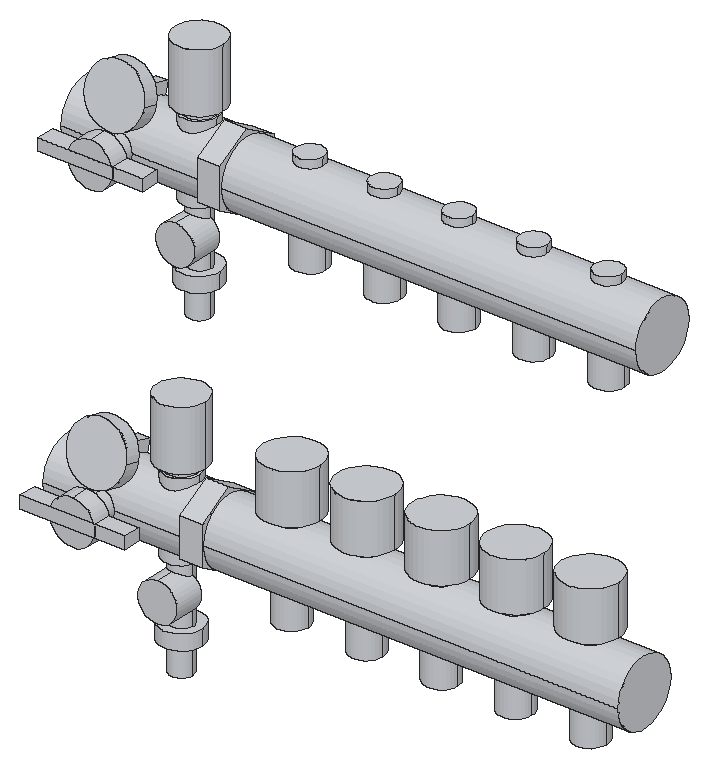
Revit family "318_dba5bdd3bf904ccfaea6eb69f10d77", category Pipe Accessories, Revit 2017
Family settings
  Round Connector Dimension = Use Diameter
  Part Type = Valve - Normal
  Work Plane-Based = No
  Always vertical = Yes
  Cut with Voids When Loaded = No
  Shared = No
Parameters (values of type "R553DK105")
  magi_piping_qv_2_5 [instance] = 0.0 L/s
  magi_piping_qv_2_4 [instance] = 0.0 L/s
  magi_piping_qv_2_3 [instance] = 0.0 L/s
  magi_piping_qv_2_2 [instance] = 0.0 L/s
  magi_piping_qv_2_1 [instance] = 0.0 L/s
  magi_piping_qv_1_5 [instance] = 0.0 L/s
  magi_piping_qv_1_4 [instance] = 0.0 L/s
  magi_piping_qv_1_3 [instance] = 0.0 L/s
  magi_piping_qv_1_2 [instance] = 0.0 L/s
  magi_piping_qv_1_1 [instance] = 0.0 L/s
  magi_piping_qv [instance] = 0.0 L/s
  magi_piping_power_5 [instance] = 0 W
  magi_piping_power_4 [instance] = 0 W
  magi_piping_power_3 [instance] = 0 W
  magi_piping_power_2 [instance] = 0 W
  magi_piping_power_1 [instance] = 0 W
  magi_piping_kv_5 [instance] = 0
  magi_piping_kv_4 [instance] = 0
  magi_piping_kv_3 [instance] = 0
  magi_piping_kv_2 [instance] = 0
  magi_piping_kv_1 [instance] = 0
  magi_piping_dpTot_5 [instance] = 0.0 Pa
  magi_piping_dpTot_4 [instance] = 0.0 Pa
  magi_piping_dpTot_3 [instance] = 0.0 Pa
  magi_piping_dpTot_2 [instance] = 0.0 Pa
  magi_piping_dpTot_1 [instance] = 0.0 Pa
  magi_adjustmentValue_5 [instance] = ""
  magi_adjustmentValue_4 [instance] = ""
  magi_adjustmentValue_3 [instance] = ""
  magi_adjustmentValue_2 [instance] = ""
  magi_adjustmentValue_1 [instance] = ""
  magiProductId = "dba5bdd3bf904ccfaea6eb69f10d77"
  magiProductFamilyId = "dba5bdd3bf904ccfaea6eb69f10d77"
  magiProductCode = "R553DK105"
  magiPartTypeId = 318
  Y = 15 mm
  VersionID = "2.0/2016.10.37.0/GIACOMINI_R553DK_001"
  URL = "http://www.giacomini.com/en"
  SMP = 25 mm
  SBP9 = 18 mm
  SBP8 = 18 mm
  SBP7 = 18 mm
  SBP6 = 18 mm
  SBP5 = 18 mm
  SBP4 = 18 mm
  SBP3 = 18 mm
  SBP2 = 18 mm
  SBP12 = 18 mm
  SBP11 = 18 mm
  SBP10 = 18 mm
  SBP1 = 18 mm
  RMP = 25 mm
  RBP9 = 18 mm
  RBP8 = 18 mm
  RBP7 = 18 mm
  RBP6 = 18 mm
  RBP5 = 18 mm
  RBP4 = 18 mm
  RBP3 = 18 mm
  RBP2 = 18 mm
  RBP12 = 18 mm
  RBP11 = 18 mm
  RBP10 = 18 mm
  RBP1 = 18 mm
  R2 = 22 mm
  QmdConnectorList = "321;SMP;322;SBP1;323;SBP2;324;SBP3;325;SBP4;326;SBP5;351;RMP;352;RBP1;353;RBP2;354;RBP3;355;RBP4;356;RBP5"
  Productdata [instance] = "© Progman Oy, all rights reserved"
  N9 = no
  N8 = no
  N7 = no
  N6 = no
  N5 = yes
  N4 = yes
  N3 = yes
  N12 = no
  N11 = no
  N10 = no
  Manufacturer = "Giacomini"
  MC_Default_elevation = 0 mm
  L = 385 mm
  I = 50 mm
  H5 = 33 mm
  H4 = 5 mm
  H3__ve = -H3  # -40 mm
  H3 = 40 mm
  H11 = 5 mm
  Flow supply main [instance] = Flow supply 1 + Flow supply 2 + Flow supply 3 + Flow supply 4 + Flow supply 5  # 0.0 L/s
  Flow supply 5 [instance] = 0.0 L/s
  Flow supply 4 [instance] = 0.0 L/s
  Flow supply 3 [instance] = 0.0 L/s
  Flow supply 2 [instance] = 0.0 L/s
  Flow supply 1 [instance] = 0.0 L/s
  Flow return main [instance] = Flow return 1 + Flow return 2 + Flow return 3 + Flow return 4 + Flow return 5  # 0.0 L/s
  Flow return 5 [instance] = 0.0 L/s
  Flow return 4 [instance] = 0.0 L/s
  Flow return 3 [instance] = 0.0 L/s
  Flow return 2 [instance] = 0.0 L/s
  Flow return 1 [instance] = 0.0 L/s
  E = 208 mm
  Description = "PREASSEMBLED MANIFOLD KIT"
  D5 = 38 mm
  D4 = 22 mm
  D31 = 18 mm
  D2 = 44 mm
  CAT0 = yes
  A = 149 mm
Reference planes
  plane 1 "Center (Front/Back)": y = 0
  plane 2 "XYPLANE": z = 0
  plane 3 "Center (Left/Right)": x = 0
  plane 4 "INIT_TEMP": y = 100
  plane 5 "379": x = 699
  plane 6 "378": x = 649
  plane 7 "377": x = 599
  plane 8 "376": x = 549
  plane 9 "375": x = 499
  plane 10 "374": x = 449
  plane 11 "373": x = 399
  plane 12 "372": x = 349
  plane 13 "371": x = 299
  plane 14 "369": x = 249
  plane 15 "368": x = 199
  plane 16 "367": x = 149
  plane 17 "366": z = 22
  plane 18 "365": z = 0
  plane 19 "364": z = -208
  plane 20 "363": y = -15
  plane 21 "362": y = 0
  plane 22 "361": x = 0
  plane 23 "360": z = -40
  plane 24 "359": z = -186
  plane 25 "358": z = -181
  plane 26 "357": z = -248
  plane 27 "356": x = 75
  plane 28 "355": z = 26
  plane 29 "354": x = 92
  plane 30 "353": z = 31
  plane 31 "352": z = -26
  plane 32 "351": z = -46
  plane 33 "350": z = -66
  plane 34 "349": z = 30
  plane 35 "348": x = 38
  plane 36 "347": y = -33
  plane 37 "346": z = 30
  plane 38 "345": y = -15
  plane 39 "344": z = -182
  plane 40 "343": z = -177
  plane 41 "342": z = -234
  plane 42 "341": z = -254
  plane 43 "340": z = -274
  plane 44 "339": z = -178
  plane 45 "338": y = -30
  plane 46 "337": z = -178
  plane 47 "336": y = -48
  plane 48 "1055": through (-712, 0, 30) normal (0, 0.2588, 0.9659)
  plane 49 "1056": through (-712, -15, 30) normal (0, -0.9659, 0.2588)
  plane 50 "1057": through (-712, -30, -178) normal (0, 0.9659, -0.2588)
  plane 51 "1058": through (-712, -15, -178) normal (0, -0.2588, -0.9659)
Forms (mm)
  Extrusion 1, solid, visible <- "N12"
    sketch origin (-750, 0, 22) x (1, 0, 0) y (0, 1, 0)
      loop
        circle (1449, 0) r 9
    from 0 to 5 <- "H11"
  Extrusion 2, solid, visible <- "N11"
    sketch origin (-750, 0, 22) x (1, 0, 0) y (0, 1, 0)
      loop
        circle (1399, 0) r 9
    from 0 to 5 <- "H11"
  Extrusion 3, solid, visible <- "N9"
    sketch origin (-750, 0, 22) x (1, 0, 0) y (0, 1, 0)
      loop
        circle (1299, 0) r 9
    from 0 to 5 <- "H11"
  Extrusion 4, solid, visible <- "N10"
    sketch origin (-750, 0, 22) x (1, 0, 0) y (0, 1, 0)
      loop
        circle (1349, 0) r 9
    from 0 to 5 <- "H11"
  Extrusion 5, solid, visible <- "N8"
    sketch origin (-750, 0, 22) x (1, 0, 0) y (0, 1, 0)
      loop
        circle (1249, 0) r 9
    from 0 to 5 <- "H11"
  Extrusion 6, solid, visible <- "N7"
    sketch origin (-750, 0, 22) x (1, 0, 0) y (0, 1, 0)
      loop
        circle (1199, 0) r 9
    from 0 to 5 <- "H11"
  Extrusion 7, solid, visible <- "N6"
    sketch origin (-750, 0, 22) x (1, 0, 0) y (0, 1, 0)
      loop
        circle (1149, 0) r 9
    from 0 to 5 <- "H11"
  Extrusion 8, solid, visible <- "N5"
    sketch origin (-750, 0, 22) x (1, 0, 0) y (0, 1, 0)
      loop
        circle (1099, 0) r 9
    from 0 to 5 <- "H11"
  Extrusion 9, solid, visible <- "N4"
    sketch origin (-750, 0, 22) x (1, 0, 0) y (0, 1, 0)
      loop
        circle (1049, 0) r 9
    from 0 to 5 <- "H11"
  Extrusion 10, solid, visible <- "N3"
    sketch origin (-750, 0, 22) x (1, 0, 0) y (0, 1, 0)
      loop
        circle (999, 0) r 9
    from 0 to 5 <- "H11"
  Extrusion 11, solid
    sketch origin (-750, 0, 22) x (1, 0, 0) y (0, 1, 0)
      loop
        circle (949, 0) r 9
    from 0 to 5 <- "H11"
  Extrusion 12, solid
    sketch origin (-750, 0, 22) x (1, 0, 0) y (0, 1, 0)
      loop
        circle (899, 0) r 9
    from 0 to 5 <- "H11"
  Extrusion 13, solid, visible <- "CAT0"
    sketch origin (0, -750, 0) x (0, 1, 0) y (0, 0, 1)
      loop
        circle (750, 0) r 22
    from 0 to 385 <- "L"
  Extrusion 14, solid
    sketch origin (-750, 0, 0) x (1, 0, 0) y (0, 1, 0)
      loop
        circle (899, 0) r 11
    from 0 to -40 <- "H3__ve"
  Extrusion 15, solid
    sketch origin (-750, 0, 0) x (1, 0, 0) y (0, 1, 0)
      loop
        circle (949, 0) r 11
    from 0 to -40 <- "H3__ve"
  Extrusion 16, solid, visible <- "N3"
    sketch origin (-750, 0, 0) x (1, 0, 0) y (0, 1, 0)
      loop
        circle (999, 0) r 11
    from 0 to -40 <- "H3__ve"
  Extrusion 17, solid, visible <- "N4"
    sketch origin (-750, 0, 0) x (1, 0, 0) y (0, 1, 0)
      loop
        circle (1049, 0) r 11
    from 0 to -40 <- "H3__ve"
  Extrusion 18, solid, visible <- "N5"
    sketch origin (-750, 0, 0) x (1, 0, 0) y (0, 1, 0)
      loop
        circle (1099, 0) r 11
    from 0 to -40 <- "H3__ve"
  Extrusion 19, solid, visible <- "N6"
    sketch origin (-750, 0, 0) x (1, 0, 0) y (0, 1, 0)
      loop
        circle (1149, 0) r 11
    from 0 to -40 <- "H3__ve"
  Extrusion 20, solid, visible <- "N7"
    sketch origin (-750, 0, 0) x (1, 0, 0) y (0, 1, 0)
      loop
        circle (1199, 0) r 11
    from 0 to -40 <- "H3__ve"
  Extrusion 21, solid, visible <- "N12"
    sketch origin (-750, 0, 0) x (1, 0, 0) y (0, 1, 0)
      loop
        circle (1449, 0) r 11
    from 0 to -40 <- "H3__ve"
  Extrusion 22, solid, visible <- "N11"
    sketch origin (-750, 0, 0) x (1, 0, 0) y (0, 1, 0)
      loop
        circle (1399, 0) r 11
    from 0 to -40 <- "H3__ve"
  Extrusion 23, solid, visible <- "N10"
    sketch origin (-750, 0, 0) x (1, 0, 0) y (0, 1, 0)
      loop
        circle (1349, 0) r 11
    from 0 to -40 <- "H3__ve"
  Extrusion 24, solid, visible <- "N9"
    sketch origin (-750, 0, 0) x (1, 0, 0) y (0, 1, 0)
      loop
        circle (1299, 0) r 11
    from 0 to -40 <- "H3__ve"
  Extrusion 25, solid, visible <- "N8"
    sketch origin (-750, 0, 0) x (1, 0, 0) y (0, 1, 0)
      loop
        circle (1249, 0) r 11
    from 0 to -40 <- "H3__ve"
  Extrusion 26, solid, visible <- "CAT0"
    sketch origin (0, -750, 0) x (0, 1, 0) y (0, 0, 1)
      loop
        circle (735, -208) r 22
    from 0 to 385 <- "L"
  Extrusion 27, solid
    sketch origin (-750, 0, -208) x (1, 0, 0) y (0, 1, 0)
      loop
        circle (949, -15) r 11
    from 0 to -40 <- "H3__ve"
  Extrusion 28, solid
    sketch origin (-750, 0, -208) x (1, 0, 0) y (0, 1, 0)
      loop
        circle (899, -15) r 11
    from 0 to -40 <- "H3__ve"
  Extrusion 29, solid, visible <- "N3"
    sketch origin (-750, 0, -208) x (1, 0, 0) y (0, 1, 0)
      loop
        circle (999, -15) r 11
    from 0 to -40 <- "H3__ve"
  Extrusion 30, solid
    sketch origin (-750, 0, -186) x (1, 0, 0) y (0, 1, 0)
      loop
        circle (899, -15) r 11
    from 0 to 5 <- "H4"
  Extrusion 31, solid
    sketch origin (-750, 0, -181) x (1, 0, 0) y (0, 1, 0)
      loop
        circle (899, -15) r 19
    from 0 to 33 <- "H5"
  Extrusion 32, solid
    sketch origin (-750, 0, -181) x (1, 0, 0) y (0, 1, 0)
      loop
        circle (949, -15) r 19
    from 0 to 33 <- "H5"
  Extrusion 33, solid
    sketch origin (-750, 0, -186) x (1, 0, 0) y (0, 1, 0)
      loop
        circle (949, -15) r 11
    from 0 to 5 <- "H4"
  Extrusion 34, solid, visible <- "N3"
    sketch origin (-750, 0, -186) x (1, 0, 0) y (0, 1, 0)
      loop
        circle (999, -15) r 11
    from 0 to 5 <- "H4"
  Extrusion 35, solid, visible <- "N3"
    sketch origin (-750, 0, -181) x (1, 0, 0) y (0, 1, 0)
      loop
        circle (999, -15) r 19
    from 0 to 33 <- "H5"
  Extrusion 36, solid, visible <- "N4"
    sketch origin (-750, 0, -181) x (1, 0, 0) y (0, 1, 0)
      loop
        circle (1049, -15) r 19
    from 0 to 33 <- "H5"
  Extrusion 37, solid, visible <- "N4"
    sketch origin (-750, 0, -186) x (1, 0, 0) y (0, 1, 0)
      loop
        circle (1049, -15) r 11
    from 0 to 5 <- "H4"
  Extrusion 38, solid, visible <- "N4"
    sketch origin (-750, 0, -208) x (1, 0, 0) y (0, 1, 0)
      loop
        circle (1049, -15) r 11
    from 0 to -40 <- "H3__ve"
  Extrusion 39, solid, visible <- "N5"
    sketch origin (-750, 0, -208) x (1, 0, 0) y (0, 1, 0)
      loop
        circle (1099, -15) r 11
    from 0 to -40 <- "H3__ve"
  Extrusion 40, solid, visible <- "N5"
    sketch origin (-750, 0, -186) x (1, 0, 0) y (0, 1, 0)
      loop
        circle (1099, -15) r 11
    from 0 to 5 <- "H4"
  Extrusion 41, solid, visible <- "N5"
    sketch origin (-750, 0, -181) x (1, 0, 0) y (0, 1, 0)
      loop
        circle (1099, -15) r 19
    from 0 to 33 <- "H5"
  Extrusion 42, solid, visible <- "N6"
    sketch origin (-750, 0, -181) x (1, 0, 0) y (0, 1, 0)
      loop
        circle (1149, -15) r 19
    from 0 to 33 <- "H5"
  Extrusion 43, solid, visible <- "N6"
    sketch origin (-750, 0, -186) x (1, 0, 0) y (0, 1, 0)
      loop
        circle (1149, -15) r 11
    from 0 to 5 <- "H4"
  Extrusion 44, solid, visible <- "N6"
    sketch origin (-750, 0, -208) x (1, 0, 0) y (0, 1, 0)
      loop
        circle (1149, -15) r 11
    from 0 to -40 <- "H3__ve"
  Extrusion 45, solid, visible <- "N7"
    sketch origin (-750, 0, -208) x (1, 0, 0) y (0, 1, 0)
      loop
        circle (1199, -15) r 11
    from 0 to -40 <- "H3__ve"
  Extrusion 46, solid, visible <- "N7"
    sketch origin (-750, 0, -186) x (1, 0, 0) y (0, 1, 0)
      loop
        circle (1199, -15) r 11
    from 0 to 5 <- "H4"
  Extrusion 47, solid, visible <- "N7"
    sketch origin (-750, 0, -181) x (1, 0, 0) y (0, 1, 0)
      loop
        circle (1199, -15) r 19
    from 0 to 33 <- "H5"
  Extrusion 48, solid, visible <- "N9"
    sketch origin (-750, 0, -181) x (1, 0, 0) y (0, 1, 0)
      loop
        circle (1299, -15) r 19
    from 0 to 33 <- "H5"
  Extrusion 49, solid, visible <- "N9"
    sketch origin (-750, 0, -186) x (1, 0, 0) y (0, 1, 0)
      loop
        circle (1299, -15) r 11
    from 0 to 5 <- "H4"
  Extrusion 50, solid, visible <- "N9"
    sketch origin (-750, 0, -208) x (1, 0, 0) y (0, 1, 0)
      loop
        circle (1299, -15) r 11
    from 0 to -40 <- "H3__ve"
  Extrusion 51, solid, visible <- "N8"
    sketch origin (-750, 0, -208) x (1, 0, 0) y (0, 1, 0)
      loop
        circle (1249, -15) r 11
    from 0 to -40 <- "H3__ve"
  Extrusion 52, solid, visible <- "N8"
    sketch origin (-750, 0, -186) x (1, 0, 0) y (0, 1, 0)
      loop
        circle (1249, -15) r 11
    from 0 to 5 <- "H4"
  Extrusion 53, solid, visible <- "N8"
    sketch origin (-750, 0, -181) x (1, 0, 0) y (0, 1, 0)
      loop
        circle (1249, -15) r 19
    from 0 to 33 <- "H5"
  Extrusion 54, solid, visible <- "N11"
    sketch origin (-750, 0, -181) x (1, 0, 0) y (0, 1, 0)
      loop
        circle (1399, -15) r 19
    from 0 to 33 <- "H5"
  Extrusion 55, solid, visible <- "N11"
    sketch origin (-750, 0, -186) x (1, 0, 0) y (0, 1, 0)
      loop
        circle (1399, -15) r 11
    from 0 to 5 <- "H4"
  Extrusion 56, solid, visible <- "N11"
    sketch origin (-750, 0, -208) x (1, 0, 0) y (0, 1, 0)
      loop
        circle (1399, -15) r 11
    from 0 to -40 <- "H3__ve"
  Extrusion 57, solid, visible <- "N12"
    sketch origin (-750, 0, -208) x (1, 0, 0) y (0, 1, 0)
      loop
        circle (1449, -15) r 11
    from 0 to -40 <- "H3__ve"
  Extrusion 58, solid, visible <- "N12"
    sketch origin (-750, 0, -186) x (1, 0, 0) y (0, 1, 0)
      loop
        circle (1449, -15) r 11
    from 0 to 5 <- "H4"
  Extrusion 59, solid, visible <- "N12"
    sketch origin (-750, 0, -181) x (1, 0, 0) y (0, 1, 0)
      loop
        circle (1449, -15) r 19
    from 0 to 33 <- "H5"
  Extrusion 60, solid, visible <- "N10"
    sketch origin (-750, 0, -181) x (1, 0, 0) y (0, 1, 0)
      loop
        circle (1349, -15) r 19
    from 0 to 33 <- "H5"
  Extrusion 61, solid, visible <- "N10"
    sketch origin (-750, 0, -186) x (1, 0, 0) y (0, 1, 0)
      loop
        circle (1349, -15) r 11
    from 0 to 5 <- "H4"
  Extrusion 62, solid, visible <- "N10"
    sketch origin (-750, 0, -208) x (1, 0, 0) y (0, 1, 0)
      loop
        circle (1349, -15) r 11
    from 0 to -40 <- "H3__ve"
  Extrusion 63, solid
    sketch origin (-750, 0, 26) x (1, 0, 0) y (0, 1, 0)
      loop
        circle (825, 0) r 12
    from 0 to -52
  Extrusion 64, solid
    sketch origin (92, -750, 0) x (0, 1, 0) y (0, 0, 1)
      loop
        line (750, 26) -> (727.483, 13) -> (727.483, -13) -> (750, -26) -> (772.517, -13) -> (772.517, 13) -> (750, 26)
    from 0 to 15
  Extrusion 65, solid
    sketch origin (-750, 0, 26) x (1, 0, 0) y (0, 1, 0)
      loop
        circle (825, 0) r 10
    from 0 to 5
  Extrusion 66, solid
    sketch origin (-750, 0, 31) x (1, 0, 0) y (0, 1, 0)
      loop
        circle (825, 0) r 16
    from 0 to 40
  Extrusion 67, solid
    sketch origin (-750, 0, -26) x (1, 0, 0) y (0, 1, 0)
      loop
        circle (825, 0) r 7.5
    from 0 to -70
  Extrusion 68, solid
    sketch origin (750, 0, 0) x (-1, 0, 0) y (0, 0, 1)
      loop
        circle (675, -46) r 13
    from 0 to -20
  Extrusion 69, solid
    sketch origin (-750, 0, -66) x (1, 0, 0) y (0, 1, 0)
      loop
        circle (825, 0) r 14
    from 0 to -10
  Extrusion 70, solid
    sketch origin (750, -33, 0) x (-1, 0, 0) y (0, 0, 1)
      loop
        circle (712, 0) r 15
    from 0 to -12
  Extrusion 71, solid
    sketch origin (-712, 0, 30) x (1, 0, 0) y (0, 0.965926, -0.258819)
      loop
        line (746, 15) -> (746, -15) -> (754, -15) -> (754, 15) -> (746, 15)
    from 0 to -18
  Extrusion 72, solid
    sketch origin (750, 0, 0) x (-1, 0, 0) y (0, 0, 1)
      loop
        circle (712, 0) r 9
    from 0 to -33
  Extrusion 73, solid
    sketch origin (750, -33, 0) x (-1, 0, 0) y (0, 0, 1)
      loop
        line (677, 4) -> (677, -4) -> (747, -4) -> (747, 4) -> (677, 4)
    from 0 to -12
  Extrusion 74, solid
    sketch origin (-712, -15, 30) x (1, 0, 0) y (0, 0.258819, 0.965926)
      loop
        circle (750, 0) r 20
    from 0 to 10
  Extrusion 75, solid
    sketch origin (-750, 0, -274) x (1, 0, 0) y (0, 1, 0)
      loop
        circle (825, -15) r 14
    from 0 to -10
  Extrusion 76, solid
    sketch origin (750, -15, 0) x (-1, 0, 0) y (0, 0, 1)
      loop
        circle (675, -254) r 13
    from 0 to -20
  Extrusion 77, solid
    sketch origin (-750, 0, -234) x (1, 0, 0) y (0, 1, 0)
      loop
        circle (825, -15) r 7.5
    from 0 to -70
  Extrusion 78, solid
    sketch origin (-750, 0, -177) x (1, 0, 0) y (0, 1, 0)
      loop
        circle (825, -15) r 16
    from 0 to 40
  Extrusion 79, solid
    sketch origin (-750, 0, -182) x (1, 0, 0) y (0, 1, 0)
      loop
        circle (825, -15) r 10
    from 0 to 5
  Extrusion 80, solid
    sketch origin (92, -750, 0) x (0, 1, 0) y (0, 0, 1)
      loop
        line (735, -182) -> (712.483, -195) -> (712.483, -221) -> (735, -234) -> (757.517, -221) -> (757.517, -195) -> (735, -182)
    from 0 to 15
  Extrusion 81, solid
    sketch origin (-750, 0, -182) x (1, 0, 0) y (0, 1, 0)
      loop
        circle (825, -15) r 12
    from 0 to -52
  Extrusion 82, solid
    sketch origin (-712, -30, -178) x (1, 0, 0) y (0, -0.258819, -0.965926)
      loop
        circle (750, 0) r 20
    from 0 to -10
  Extrusion 83, solid
    sketch origin (750, -48, 0) x (-1, 0, 0) y (0, 0, 1)
      loop
        line (677, -204) -> (677, -212) -> (747, -212) -> (747, -204) -> (677, -204)
    from 0 to -12
  Extrusion 84, solid
    sketch origin (750, -15, 0) x (-1, 0, 0) y (0, 0, 1)
      loop
        circle (712, -208) r 9
    from 0 to -33
  Extrusion 85, solid
    sketch origin (-712, -15, -178) x (1, 0, 0) y (0, -0.965926, 0.258819)
      loop
        line (746, -15) -> (754, -15) -> (754, 15) -> (746, 15) -> (746, -15)
    from 0 to 18
  Extrusion 86, solid
    sketch origin (750, -48, 0) x (-1, 0, 0) y (0, 0, 1)
      loop
        circle (712, -208) r 15
    from 0 to -12
  Extrusion 87, solid, not visible
    sketch origin (-750, 0, -40) x (1, 0, 0) y (0, 1, 0)
      loop
        circle (949, 0) r 10
    from 0 to 10
  Extrusion 88, solid, not visible
    sketch origin (-750, 0, -40) x (1, 0, 0) y (0, 1, 0)
      loop
        circle (899, 0) r 10
    from 0 to 10
  Extrusion 89, solid, not visible
    sketch origin (0, -750, 0) x (0, 1, 0) y (0, 0, 1)
      loop
        circle (735, -208) r 10
    from 0 to 10
  Extrusion 90, solid, not visible
    sketch origin (0, -750, 0) x (0, 1, 0) y (0, 0, 1)
      loop
        circle (750, 0) r 10
    from 0 to 10
  Extrusion 91, solid, not visible
    sketch origin (-750, 0, -40) x (1, 0, 0) y (0, 1, 0)
      loop
        circle (999, 0) r 10
    from 0 to 10
  Extrusion 92, solid, not visible
    sketch origin (-750, 0, -40) x (1, 0, 0) y (0, 1, 0)
      loop
        circle (1049, 0) r 10
    from 0 to 10
  Extrusion 93, solid, not visible
    sketch origin (-750, 0, -40) x (1, 0, 0) y (0, 1, 0)
      loop
        circle (1099, 0) r 10
    from 0 to 10
  Extrusion 94, solid, not visible
    sketch origin (-750, 0, -248) x (1, 0, 0) y (0, 1, 0)
      loop
        circle (999, -15) r 10
    from 0 to 10
  Extrusion 95, solid, not visible
    sketch origin (-750, 0, -248) x (1, 0, 0) y (0, 1, 0)
      loop
        circle (899, -15) r 10
    from 0 to 10
  Extrusion 96, solid, not visible
    sketch origin (-750, 0, -248) x (1, 0, 0) y (0, 1, 0)
      loop
        circle (949, -15) r 10
    from 0 to 10
  Extrusion 97, solid, not visible
    sketch origin (-750, 0, -248) x (1, 0, 0) y (0, 1, 0)
      loop
        circle (1049, -15) r 10
    from 0 to 10
  Extrusion 98, solid, not visible
    sketch origin (-750, 0, -248) x (1, 0, 0) y (0, 1, 0)
      loop
        circle (1099, -15) r 10
    from 0 to 10
Text (mm)
  text "© Progman Oy, all rights reserved" at (-472.209, -2482.653, 0), in view "Ref. Level"
Dimensions and locks
  plane 4 "INIT_TEMP" to plane 1 "Center (Front/Back)" = 100 mm
  "I": plane 6 "378" to plane 5 "379"
  "I": plane 7 "377" to plane 6 "378"
  "I": plane 8 "376" to plane 7 "377"
  "I": plane 9 "375" to plane 8 "376"
  "I": plane 10 "374" to plane 9 "375"
  "I": plane 11 "373" to plane 10 "374"
  "I": plane 12 "372" to plane 11 "373"
  "I": plane 13 "371" to plane 12 "372"
  "I": plane 14 "369" to plane 13 "371"
  "I": plane 15 "368" to plane 14 "369"
  "I": plane 16 "367" to plane 15 "368"
  "A": plane 3 "Center (Left/Right)" to plane 16 "367"
  "R2": plane 2 "XYPLANE" to plane 17 "366"
  locked: plane 2 "XYPLANE" to plane 18 "365"
  "E": plane 2 "XYPLANE" to plane 19 "364"
  "Y": plane 1 "Center (Front/Back)" to plane 20 "363"
  locked: plane 1 "Center (Front/Back)" to plane 21 "362"
  locked: plane 3 "Center (Left/Right)" to plane 22 "361"
  "H3": plane 2 "XYPLANE" to plane 23 "360"
  "R2": plane 19 "364" to plane 24 "359"
  "H4": plane 24 "359" to plane 25 "358"
  "H3": plane 19 "364" to plane 26 "357"
  locked: plane 3 "Center (Left/Right)" to plane 27 "356" at 75
  locked: plane 2 "XYPLANE" to plane 28 "355" at 26
  locked: plane 27 "356" to plane 29 "354" at 17
  locked: plane 28 "355" to plane 30 "353" at 5
  locked: plane 28 "355" to plane 31 "352" at 52
  locked: plane 31 "352" to plane 32 "351" at 20
  locked: plane 31 "352" to plane 33 "350" at 40
  locked: plane 2 "XYPLANE" to plane 34 "349" at 30
  locked: plane 3 "Center (Left/Right)" to plane 35 "348" at 38
  locked: plane 1 "Center (Front/Back)" to plane 36 "347" at 33
  locked: plane 2 "XYPLANE" to plane 37 "346" at 30
  locked: plane 1 "Center (Front/Back)" to plane 38 "345" at 15
  locked: plane 19 "364" to plane 39 "344" at 26
  locked: plane 39 "344" to plane 40 "343" at 5
  locked: plane 39 "344" to plane 41 "342" at 52
  locked: plane 41 "342" to plane 42 "341" at 20
  locked: plane 41 "342" to plane 43 "340" at 40
  locked: plane 19 "364" to plane 44 "339" at 30
  locked: plane 20 "363" to plane 45 "338" at 15
  locked: plane 19 "364" to plane 46 "337" at 30
  locked: plane 20 "363" to plane 47 "336" at 33
  "D31": diameter of Extrusion 1 sketch curve
  "D31": diameter of Extrusion 2 sketch curve
  "D31": diameter of Extrusion 3 sketch curve
  "D31": diameter of Extrusion 4 sketch curve
  "D31": diameter of Extrusion 5 sketch curve
  "D31": diameter of Extrusion 6 sketch curve
  "D31": diameter of Extrusion 7 sketch curve
  "D31": diameter of Extrusion 8 sketch curve
  "D31": diameter of Extrusion 9 sketch curve
  "D31": diameter of Extrusion 10 sketch curve
  "D31": diameter of Extrusion 11 sketch curve
  "D31": diameter of Extrusion 12 sketch curve
  "D2": diameter of Extrusion 13 sketch curve
  "D4": diameter of Extrusion 14 sketch curve
  "D4": diameter of Extrusion 15 sketch curve
  "D4": diameter of Extrusion 16 sketch curve
  "D4": diameter of Extrusion 17 sketch curve
  "D4": diameter of Extrusion 18 sketch curve
  "D4": diameter of Extrusion 19 sketch curve
  "D4": diameter of Extrusion 20 sketch curve
  "D4": diameter of Extrusion 21 sketch curve
  "D4": diameter of Extrusion 22 sketch curve
  "D4": diameter of Extrusion 23 sketch curve
  "D4": diameter of Extrusion 24 sketch curve
  "D4": diameter of Extrusion 25 sketch curve
  "D2": diameter of Extrusion 26 sketch curve
  "D4": diameter of Extrusion 27 sketch curve
  "D4": diameter of Extrusion 28 sketch curve
  "D4": diameter of Extrusion 29 sketch curve
  "D4": diameter of Extrusion 30 sketch curve
  "D5": diameter of Extrusion 31 sketch curve
  "D5": diameter of Extrusion 32 sketch curve
  "D4": diameter of Extrusion 33 sketch curve
  "D4": diameter of Extrusion 34 sketch curve
  "D5": diameter of Extrusion 35 sketch curve
  "D5": diameter of Extrusion 36 sketch curve
  "D4": diameter of Extrusion 37 sketch curve
  "D4": diameter of Extrusion 38 sketch curve
  "D4": diameter of Extrusion 39 sketch curve
  "D4": diameter of Extrusion 40 sketch curve
  "D5": diameter of Extrusion 41 sketch curve
  "D5": diameter of Extrusion 42 sketch curve
  "D4": diameter of Extrusion 43 sketch curve
  "D4": diameter of Extrusion 44 sketch curve
  "D4": diameter of Extrusion 45 sketch curve
  "D4": diameter of Extrusion 46 sketch curve
  "D5": diameter of Extrusion 47 sketch curve
  "D5": diameter of Extrusion 48 sketch curve
  "D4": diameter of Extrusion 49 sketch curve
  "D4": diameter of Extrusion 50 sketch curve
  "D4": diameter of Extrusion 51 sketch curve
  "D4": diameter of Extrusion 52 sketch curve
  "D5": diameter of Extrusion 53 sketch curve
  "D5": diameter of Extrusion 54 sketch curve
  "D4": diameter of Extrusion 55 sketch curve
  "D4": diameter of Extrusion 56 sketch curve
  "D4": diameter of Extrusion 57 sketch curve
  "D4": diameter of Extrusion 58 sketch curve
  "D5": diameter of Extrusion 59 sketch curve
  "D5": diameter of Extrusion 60 sketch curve
  "D4": diameter of Extrusion 61 sketch curve
  "D4": diameter of Extrusion 62 sketch curve
  aligned and locked: level to plane 2 "XYPLANE"
  aligned and locked: plane 5 "379" to Extrusion 1 sketch curve
  aligned and locked: plane 21 "362" to Extrusion 1 sketch curve
  aligned and locked: plane 6 "378" to Extrusion 2 sketch curve
  aligned and locked: plane 21 "362" to Extrusion 2 sketch curve
  aligned and locked: plane 8 "376" to Extrusion 3 sketch curve
  aligned and locked: plane 21 "362" to Extrusion 3 sketch curve
  aligned and locked: plane 7 "377" to Extrusion 4 sketch curve
  aligned and locked: plane 21 "362" to Extrusion 4 sketch curve
  aligned and locked: plane 9 "375" to Extrusion 5 sketch curve
  aligned and locked: plane 21 "362" to Extrusion 5 sketch curve
  aligned and locked: plane 10 "374" to Extrusion 6 sketch curve
  aligned and locked: plane 21 "362" to Extrusion 6 sketch curve
  aligned and locked: plane 11 "373" to Extrusion 7 sketch curve
  aligned and locked: plane 21 "362" to Extrusion 7 sketch curve
  aligned and locked: plane 12 "372" to Extrusion 8 sketch curve
  aligned and locked: plane 21 "362" to Extrusion 8 sketch curve
  aligned and locked: plane 13 "371" to Extrusion 9 sketch curve
  aligned and locked: plane 21 "362" to Extrusion 9 sketch curve
  aligned and locked: plane 14 "369" to Extrusion 10 sketch curve
  aligned and locked: plane 21 "362" to Extrusion 10 sketch curve
  aligned and locked: plane 15 "368" to Extrusion 11 sketch curve
  aligned and locked: plane 21 "362" to Extrusion 11 sketch curve
  aligned and locked: plane 16 "367" to Extrusion 12 sketch curve
  aligned and locked: plane 21 "362" to Extrusion 12 sketch curve
  aligned and locked: plane 18 "365" to Extrusion 13 sketch curve
  aligned and locked: Extrusion 13 sketch curve to plane 21 "362"
  aligned and locked: plane 16 "367" to Extrusion 14 sketch curve
  aligned and locked: plane 21 "362" to Extrusion 14 sketch curve
  aligned and locked: plane 15 "368" to Extrusion 15 sketch curve
  aligned and locked: plane 21 "362" to Extrusion 15 sketch curve
  aligned and locked: plane 14 "369" to Extrusion 16 sketch curve
  aligned and locked: plane 21 "362" to Extrusion 16 sketch curve
  aligned and locked: plane 13 "371" to Extrusion 17 sketch curve
  aligned and locked: plane 21 "362" to Extrusion 17 sketch curve
  aligned and locked: plane 12 "372" to Extrusion 18 sketch curve
  aligned and locked: plane 21 "362" to Extrusion 18 sketch curve
  aligned and locked: plane 11 "373" to Extrusion 19 sketch curve
  aligned and locked: plane 21 "362" to Extrusion 19 sketch curve
  aligned and locked: plane 10 "374" to Extrusion 20 sketch curve
  aligned and locked: plane 21 "362" to Extrusion 20 sketch curve
  aligned and locked: plane 5 "379" to Extrusion 21 sketch curve
  aligned and locked: plane 21 "362" to Extrusion 21 sketch curve
  aligned and locked: plane 6 "378" to Extrusion 22 sketch curve
  aligned and locked: plane 21 "362" to Extrusion 22 sketch curve
  aligned and locked: plane 7 "377" to Extrusion 23 sketch curve
  aligned and locked: plane 21 "362" to Extrusion 23 sketch curve
  aligned and locked: plane 8 "376" to Extrusion 24 sketch curve
  aligned and locked: plane 21 "362" to Extrusion 24 sketch curve
  aligned and locked: plane 9 "375" to Extrusion 25 sketch curve
  aligned and locked: plane 21 "362" to Extrusion 25 sketch curve
  aligned and locked: plane 19 "364" to Extrusion 26 sketch curve
  aligned and locked: Extrusion 26 sketch curve to plane 20 "363"
  aligned and locked: plane 15 "368" to Extrusion 27 sketch curve
  aligned and locked: plane 20 "363" to Extrusion 27 sketch curve
  aligned and locked: plane 16 "367" to Extrusion 28 sketch curve
  aligned and locked: plane 20 "363" to Extrusion 28 sketch curve
  aligned and locked: plane 14 "369" to Extrusion 29 sketch curve
  aligned and locked: plane 20 "363" to Extrusion 29 sketch curve
  aligned and locked: plane 16 "367" to Extrusion 30 sketch curve
  aligned and locked: plane 20 "363" to Extrusion 30 sketch curve
  aligned and locked: plane 16 "367" to Extrusion 31 sketch curve
  aligned and locked: plane 20 "363" to Extrusion 31 sketch curve
  aligned and locked: plane 15 "368" to Extrusion 32 sketch curve
  aligned and locked: plane 20 "363" to Extrusion 32 sketch curve
  aligned and locked: plane 15 "368" to Extrusion 33 sketch curve
  aligned and locked: plane 20 "363" to Extrusion 33 sketch curve
  aligned and locked: plane 14 "369" to Extrusion 34 sketch curve
  aligned and locked: plane 20 "363" to Extrusion 34 sketch curve
  aligned and locked: plane 14 "369" to Extrusion 35 sketch curve
  aligned and locked: plane 20 "363" to Extrusion 35 sketch curve
  aligned and locked: plane 13 "371" to Extrusion 36 sketch curve
  aligned and locked: plane 20 "363" to Extrusion 36 sketch curve
  aligned and locked: plane 13 "371" to Extrusion 37 sketch curve
  aligned and locked: plane 20 "363" to Extrusion 37 sketch curve
  aligned and locked: plane 13 "371" to Extrusion 38 sketch curve
  aligned and locked: plane 20 "363" to Extrusion 38 sketch curve
  aligned and locked: plane 12 "372" to Extrusion 39 sketch curve
  aligned and locked: plane 20 "363" to Extrusion 39 sketch curve
  aligned and locked: plane 12 "372" to Extrusion 40 sketch curve
  aligned and locked: plane 20 "363" to Extrusion 40 sketch curve
  aligned and locked: plane 12 "372" to Extrusion 41 sketch curve
  aligned and locked: plane 20 "363" to Extrusion 41 sketch curve
  aligned and locked: plane 11 "373" to Extrusion 42 sketch curve
  aligned and locked: plane 20 "363" to Extrusion 42 sketch curve
  aligned and locked: plane 11 "373" to Extrusion 43 sketch curve
  aligned and locked: plane 20 "363" to Extrusion 43 sketch curve
  aligned and locked: plane 11 "373" to Extrusion 44 sketch curve
  aligned and locked: plane 20 "363" to Extrusion 44 sketch curve
  aligned and locked: plane 10 "374" to Extrusion 45 sketch curve
  aligned and locked: plane 20 "363" to Extrusion 45 sketch curve
  aligned and locked: plane 10 "374" to Extrusion 46 sketch curve
  aligned and locked: plane 20 "363" to Extrusion 46 sketch curve
  aligned and locked: plane 10 "374" to Extrusion 47 sketch curve
  aligned and locked: plane 20 "363" to Extrusion 47 sketch curve
  aligned and locked: plane 8 "376" to Extrusion 48 sketch curve
  aligned and locked: plane 20 "363" to Extrusion 48 sketch curve
  aligned and locked: plane 8 "376" to Extrusion 49 sketch curve
  aligned and locked: plane 20 "363" to Extrusion 49 sketch curve
  aligned and locked: plane 8 "376" to Extrusion 50 sketch curve
  aligned and locked: plane 20 "363" to Extrusion 50 sketch curve
  aligned and locked: plane 9 "375" to Extrusion 51 sketch curve
  aligned and locked: plane 20 "363" to Extrusion 51 sketch curve
  aligned and locked: plane 9 "375" to Extrusion 52 sketch curve
  aligned and locked: plane 20 "363" to Extrusion 52 sketch curve
  aligned and locked: plane 9 "375" to Extrusion 53 sketch curve
  aligned and locked: plane 20 "363" to Extrusion 53 sketch curve
  aligned and locked: plane 6 "378" to Extrusion 54 sketch curve
  aligned and locked: plane 20 "363" to Extrusion 54 sketch curve
  aligned and locked: plane 6 "378" to Extrusion 55 sketch curve
  aligned and locked: plane 20 "363" to Extrusion 55 sketch curve
  aligned and locked: plane 6 "378" to Extrusion 56 sketch curve
  aligned and locked: plane 20 "363" to Extrusion 56 sketch curve
  aligned and locked: plane 5 "379" to Extrusion 57 sketch curve
  aligned and locked: plane 20 "363" to Extrusion 57 sketch curve
  aligned and locked: plane 5 "379" to Extrusion 58 sketch curve
  aligned and locked: plane 20 "363" to Extrusion 58 sketch curve
  aligned and locked: plane 5 "379" to Extrusion 59 sketch curve
  aligned and locked: plane 20 "363" to Extrusion 59 sketch curve
  aligned and locked: plane 7 "377" to Extrusion 60 sketch curve
  aligned and locked: plane 20 "363" to Extrusion 60 sketch curve
  aligned and locked: plane 7 "377" to Extrusion 61 sketch curve
  aligned and locked: plane 20 "363" to Extrusion 61 sketch curve
  aligned and locked: plane 7 "377" to Extrusion 62 sketch curve
  aligned and locked: plane 20 "363" to Extrusion 62 sketch curve
  aligned and locked: plane 21 "362" to Extrusion 63 sketch curve
  aligned and locked: plane 27 "356" to Extrusion 63 sketch curve
  aligned and locked: plane 21 "362" to Extrusion 65 sketch curve
  aligned and locked: plane 27 "356" to Extrusion 65 sketch curve
  aligned and locked: plane 21 "362" to Extrusion 66 sketch curve
  aligned and locked: plane 27 "356" to Extrusion 66 sketch curve
  aligned and locked: plane 21 "362" to Extrusion 67 sketch curve
  aligned and locked: plane 27 "356" to Extrusion 67 sketch curve
  aligned and locked: plane 27 "356" to Extrusion 68 sketch curve
  aligned and locked: plane 32 "351" to Extrusion 68 sketch curve
  aligned and locked: plane 21 "362" to Extrusion 69 sketch curve
  aligned and locked: plane 27 "356" to Extrusion 69 sketch curve
  aligned and locked: plane 18 "365" to Extrusion 70 sketch curve
  aligned and locked: plane 35 "348" to Extrusion 70 sketch curve
  aligned and locked: plane 18 "365" to Extrusion 72 sketch curve
  aligned and locked: plane 35 "348" to Extrusion 72 sketch curve
  aligned and locked: plane 35 "348" to Extrusion 74 sketch curve
  aligned and locked: plane 20 "363" to Extrusion 75 sketch curve
  aligned and locked: plane 27 "356" to Extrusion 75 sketch curve
  aligned and locked: plane 27 "356" to Extrusion 76 sketch curve
  aligned and locked: plane 42 "341" to Extrusion 76 sketch curve
  aligned and locked: plane 20 "363" to Extrusion 77 sketch curve
  aligned and locked: plane 27 "356" to Extrusion 77 sketch curve
  aligned and locked: plane 20 "363" to Extrusion 78 sketch curve
  aligned and locked: plane 27 "356" to Extrusion 78 sketch curve
  aligned and locked: plane 20 "363" to Extrusion 79 sketch curve
  aligned and locked: plane 27 "356" to Extrusion 79 sketch curve
  aligned and locked: plane 20 "363" to Extrusion 81 sketch curve
  aligned and locked: plane 27 "356" to Extrusion 81 sketch curve
  aligned and locked: plane 35 "348" to Extrusion 82 sketch curve
  aligned and locked: plane 19 "364" to Extrusion 84 sketch curve
  aligned and locked: plane 35 "348" to Extrusion 84 sketch curve
  aligned and locked: plane 19 "364" to Extrusion 86 sketch curve
  aligned and locked: plane 35 "348" to Extrusion 86 sketch curve
  aligned and locked: plane 15 "368" to Extrusion 87 sketch curve
  aligned and locked: plane 21 "362" to Extrusion 87 sketch curve
  aligned and locked: plane 16 "367" to Extrusion 88 sketch curve
  aligned and locked: plane 21 "362" to Extrusion 88 sketch curve
  aligned and locked: plane 19 "364" to Extrusion 89 sketch curve
  aligned and locked: Extrusion 89 sketch curve to plane 20 "363"
  aligned and locked: plane 18 "365" to Extrusion 90 sketch curve
  aligned and locked: Extrusion 90 sketch curve to plane 21 "362"
  aligned and locked: plane 14 "369" to Extrusion 91 sketch curve
  aligned and locked: plane 21 "362" to Extrusion 91 sketch curve
  aligned and locked: plane 13 "371" to Extrusion 92 sketch curve
  aligned and locked: plane 21 "362" to Extrusion 92 sketch curve
  aligned and locked: plane 12 "372" to Extrusion 93 sketch curve
  aligned and locked: plane 21 "362" to Extrusion 93 sketch curve
  aligned and locked: plane 14 "369" to Extrusion 94 sketch curve
  aligned and locked: plane 20 "363" to Extrusion 94 sketch curve
  aligned and locked: plane 16 "367" to Extrusion 95 sketch curve
  aligned and locked: plane 20 "363" to Extrusion 95 sketch curve
  aligned and locked: plane 15 "368" to Extrusion 96 sketch curve
  aligned and locked: plane 20 "363" to Extrusion 96 sketch curve
  aligned and locked: plane 13 "371" to Extrusion 97 sketch curve
  aligned and locked: plane 20 "363" to Extrusion 97 sketch curve
  aligned and locked: plane 12 "372" to Extrusion 98 sketch curve
  aligned and locked: plane 20 "363" to Extrusion 98 sketch curve
Automatic sketch dimensions
  Extrusion 63 sketch curve to plane 27 "356" = 12 mm
  Extrusion 64 sketch curve to plane 1 "Center (Front/Back)" = 0 mm  (x2)
  Extrusion 64 sketch curve to plane 31 "352" = 0 mm
  Extrusion 64 sketch curve to plane 28 "355" = 0 mm
  plane 45 "338" to Extrusion 64 sketch curve = 7.483 mm
  Extrusion 64 sketch curve to plane 17 "366" = 9 mm  (x2)
  Extrusion 64 sketch curve to plane 1 "Center (Front/Back)" = 22.517 mm
  Extrusion 64 sketch curve to level = 13 mm  (x2)
  Extrusion 65 sketch curve to plane 27 "356" = 10 mm
  Extrusion 66 sketch curve to plane 27 "356" = 16 mm
  Extrusion 67 sketch curve to plane 27 "356" = 7.5 mm
  plane 33 "350" to Extrusion 68 sketch curve = 7 mm
  Extrusion 69 sketch curve to plane 27 "356" = 14 mm
  plane 31 "352" to Extrusion 70 sketch curve = 11 mm
  Extrusion 71 sketch curve to plane 35 "348" = 4 mm
  plane 49 "1056" to Extrusion 71 sketch curve = 0.511 mm
  plane 35 "348" to Extrusion 71 sketch curve = 4 mm
  Extrusion 71 sketch curve to plane 50 "1057" = 9.857 mm
  Extrusion 72 sketch curve to level = 9 mm
  Extrusion 73 sketch curve to plane 27 "356" = 2 mm
  plane 3 "Center (Left/Right)" to Extrusion 73 sketch curve = 3 mm
  Extrusion 73 sketch curve to level = 4 mm
  level to Extrusion 73 sketch curve = 4 mm
  Extrusion 74 sketch curve to plane 48 "1055" = 3.882 mm
  plane 3 "Center (Left/Right)" to Extrusion 74 sketch curve = 18 mm
  Extrusion 75 sketch curve to plane 27 "356" = 14 mm
  plane 43 "340" to Extrusion 76 sketch curve = 7 mm
  Extrusion 77 sketch curve to plane 27 "356" = 7.5 mm
  Extrusion 78 sketch curve to plane 27 "356" = 16 mm
  Extrusion 79 sketch curve to plane 27 "356" = 10 mm
  Extrusion 80 sketch curve to plane 20 "363" = 0 mm  (x2)
  Extrusion 80 sketch curve to plane 41 "342" = 0 mm
  Extrusion 80 sketch curve to plane 39 "344" = 0 mm
  Extrusion 80 sketch curve to plane 36 "347" = 4.517 mm
  Extrusion 80 sketch curve to plane 1 "Center (Front/Back)" = 7.517 mm
  Extrusion 80 sketch curve to plane 19 "364" = 13 mm  (x2)
  Extrusion 80 sketch curve to plane 24 "359" = 9 mm  (x2)
  Extrusion 81 sketch curve to plane 27 "356" = 12 mm
  plane 51 "1058" to Extrusion 82 sketch curve = 3.882 mm
  plane 3 "Center (Left/Right)" to Extrusion 82 sketch curve = 18 mm
  Extrusion 83 sketch curve to plane 27 "356" = 2 mm
  plane 3 "Center (Left/Right)" to Extrusion 83 sketch curve = 3 mm
  Extrusion 83 sketch curve to plane 19 "364" = 4 mm
  plane 19 "364" to Extrusion 83 sketch curve = 4 mm
  Extrusion 84 sketch curve to plane 19 "364" = 9 mm
  Extrusion 85 sketch curve to plane 35 "348" = 4 mm
  Extrusion 85 sketch curve to plane 50 "1057" = 0.511 mm
  plane 35 "348" to Extrusion 85 sketch curve = 4 mm
  plane 50 "1057" to Extrusion 85 sketch curve = 29.489 mm
  plane 41 "342" to Extrusion 86 sketch curve = 11 mm
  plane 20 "363" to Extrusion 87 sketch curve = 5 mm
  plane 20 "363" to Extrusion 88 sketch curve = 5 mm
  plane 45 "338" to Extrusion 89 sketch curve = 5 mm
  plane 20 "363" to Extrusion 90 sketch curve = 5 mm
  plane 20 "363" to Extrusion 91 sketch curve = 5 mm
  plane 20 "363" to Extrusion 92 sketch curve = 5 mm
  plane 20 "363" to Extrusion 93 sketch curve = 5 mm
  plane 45 "338" to Extrusion 94 sketch curve = 5 mm
  plane 45 "338" to Extrusion 95 sketch curve = 5 mm
  plane 45 "338" to Extrusion 96 sketch curve = 5 mm
  plane 45 "338" to Extrusion 97 sketch curve = 5 mm
  plane 45 "338" to Extrusion 98 sketch curve = 5 mm
Connectors
  piping at (0, 0, 0), diameter 25, driven by "Flow supply main", driven by "SMP"
    settings: on Extrusion 90, index 1, connector inside diameter 609.6 mm, connector length 0 mm, flow factor 0, pipe flow 0.0 L/s, pressure drop 0.0 Pa, fitting loss kfactor 0, connector angle 0.00°, fixture units 0, engagement length 0 mm, angle of deflection 0.00°, flow configuration 1, flow direction 1, fitting loss method 0, system type 7, joint type 0, gender type 0, connector reference index -1, connector utility 0, adjustable connector no, is connector primary yes, connector description "Main_1_1"
  piping at (149, 0, -40), diameter 18, driven by "Flow supply 1", driven by "SBP1"
    settings: on Extrusion 88, index 2, connector inside diameter 609.6 mm, connector length 0 mm, flow factor 0, pipe flow 0.0 L/s, pressure drop 0.0 Pa, fitting loss kfactor 0, connector angle 0.00°, fixture units 0, engagement length 0 mm, angle of deflection 0.00°, flow configuration 0, flow direction 2, fitting loss method 0, system type 7, joint type 0, gender type 0, connector reference index -1, connector utility 0, adjustable connector no, is connector primary no, connector description "Branch_1_1"
  piping at (199, 0, -40), diameter 18, driven by "Flow supply 2", driven by "SBP2"
    settings: on Extrusion 87, index 3, connector inside diameter 609.6 mm, connector length 0 mm, flow factor 0, pipe flow 0.0 L/s, pressure drop 0.0 Pa, fitting loss kfactor 0, connector angle 0.00°, fixture units 0, engagement length 0 mm, angle of deflection 0.00°, flow configuration 0, flow direction 2, fitting loss method 0, system type 7, joint type 0, gender type 0, connector reference index -1, connector utility 0, adjustable connector no, is connector primary no, connector description "Branch_1_2"
  piping at (249, 0, -40), diameter 18, driven by "Flow supply 3", driven by "SBP3"
    settings: on Extrusion 91, index 4, connector inside diameter 609.6 mm, connector length 0 mm, flow factor 0, pipe flow 0.0 L/s, pressure drop 0.0 Pa, fitting loss kfactor 0, connector angle 0.00°, fixture units 0, engagement length 0 mm, angle of deflection 0.00°, flow configuration 0, flow direction 2, fitting loss method 0, system type 7, joint type 0, gender type 0, connector reference index -1, connector utility 0, adjustable connector no, is connector primary no, connector description "Branch_1_3"
  piping at (299, 0, -40), diameter 18, driven by "Flow supply 4", driven by "SBP4"
    settings: on Extrusion 92, index 5, connector inside diameter 609.6 mm, connector length 0 mm, flow factor 0, pipe flow 0.0 L/s, pressure drop 0.0 Pa, fitting loss kfactor 0, connector angle 0.00°, fixture units 0, engagement length 0 mm, angle of deflection 0.00°, flow configuration 0, flow direction 2, fitting loss method 0, system type 7, joint type 0, gender type 0, connector reference index -1, connector utility 0, adjustable connector no, is connector primary no, connector description "Branch_1_4"
  piping at (349, 0, -40), diameter 18, driven by "Flow supply 5", driven by "SBP5"
    settings: on Extrusion 93, index 6, connector inside diameter 609.6 mm, connector length 0 mm, flow factor 0, pipe flow 0.0 L/s, pressure drop 0.0 Pa, fitting loss kfactor 0, connector angle 0.00°, fixture units 0, engagement length 0 mm, angle of deflection 0.00°, flow configuration 0, flow direction 2, fitting loss method 0, system type 7, joint type 0, gender type 0, connector reference index -1, connector utility 0, adjustable connector no, is connector primary no, connector description "Branch_1_5"
  piping at (0, -15, -208), diameter 25, driven by "Flow return main", driven by "RMP"
    settings: on Extrusion 89, index 7, connector inside diameter 609.6 mm, connector length 0 mm, flow factor 0, pipe flow 0.0 L/s, pressure drop 0.0 Pa, fitting loss kfactor 0, connector angle 0.00°, fixture units 0, engagement length 0 mm, angle of deflection 0.00°, flow configuration 1, flow direction 2, fitting loss method 0, system type 8, joint type 0, gender type 0, connector reference index -1, connector utility 0, adjustable connector no, is connector primary no, connector description "Main_2_1"
  piping at (149, -15, -248), diameter 18, driven by "Flow return 1", driven by "RBP1"
    settings: on Extrusion 95, index 8, connector inside diameter 609.6 mm, connector length 0 mm, flow factor 0, pipe flow 0.0 L/s, pressure drop 0.0 Pa, fitting loss kfactor 0, connector angle 0.00°, fixture units 0, engagement length 0 mm, angle of deflection 0.00°, flow configuration 0, flow direction 1, fitting loss method 0, system type 8, joint type 0, gender type 0, connector reference index -1, connector utility 0, adjustable connector no, is connector primary no, connector description "Branch_2_1"
  piping at (199, -15, -248), diameter 18, driven by "Flow return 2", driven by "RBP2"
    settings: on Extrusion 96, index 9, connector inside diameter 609.6 mm, connector length 0 mm, flow factor 0, pipe flow 0.0 L/s, pressure drop 0.0 Pa, fitting loss kfactor 0, connector angle 0.00°, fixture units 0, engagement length 0 mm, angle of deflection 0.00°, flow configuration 0, flow direction 1, fitting loss method 0, system type 8, joint type 0, gender type 0, connector reference index -1, connector utility 0, adjustable connector no, is connector primary no, connector description "Branch_2_2"
  piping at (249, -15, -248), diameter 18, driven by "Flow return 3", driven by "RBP3"
    settings: on Extrusion 94, index 10, connector inside diameter 609.6 mm, connector length 0 mm, flow factor 0, pipe flow 0.0 L/s, pressure drop 0.0 Pa, fitting loss kfactor 0, connector angle 0.00°, fixture units 0, engagement length 0 mm, angle of deflection 0.00°, flow configuration 0, flow direction 1, fitting loss method 0, system type 8, joint type 0, gender type 0, connector reference index -1, connector utility 0, adjustable connector no, is connector primary no, connector description "Branch_2_3"
  piping at (299, -15, -248), diameter 18, driven by "Flow return 4", driven by "RBP4"
    settings: on Extrusion 97, index 11, connector inside diameter 609.6 mm, connector length 0 mm, flow factor 0, pipe flow 0.0 L/s, pressure drop 0.0 Pa, fitting loss kfactor 0, connector angle 0.00°, fixture units 0, engagement length 0 mm, angle of deflection 0.00°, flow configuration 0, flow direction 1, fitting loss method 0, system type 8, joint type 0, gender type 0, connector reference index -1, connector utility 0, adjustable connector no, is connector primary no, connector description "Branch_2_4"
  piping at (349, -15, -248), diameter 18, driven by "Flow return 5", driven by "RBP5"
    settings: on Extrusion 98, index 12, connector inside diameter 609.6 mm, connector length 0 mm, flow factor 0, pipe flow 0.0 L/s, pressure drop 0.0 Pa, fitting loss kfactor 0, connector angle 0.00°, fixture units 0, engagement length 0 mm, angle of deflection 0.00°, flow configuration 0, flow direction 1, fitting loss method 0, system type 8, joint type 0, gender type 0, connector reference index -1, connector utility 0, adjustable connector no, is connector primary no, connector description "Branch_2_5"
